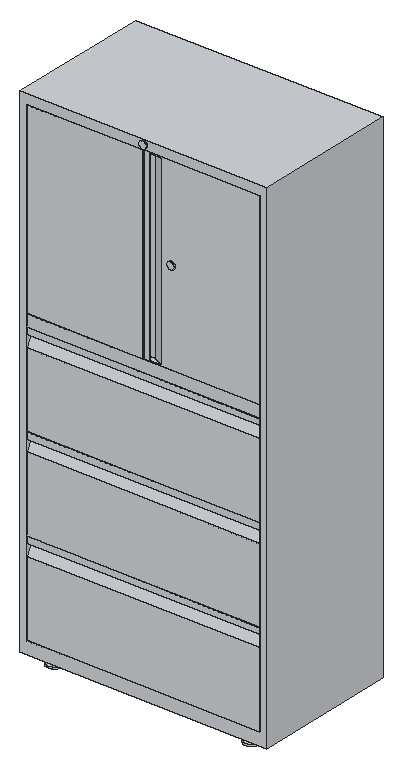
Revit family
Parameters (values of type "10C50WT.3H")
  Width = 800 mm
  Tie Bar = Width - 40 mm  # 760 mm
  Manufacturer = ""
  Height = 1655 mm
  Flipper Width = Width - 40 mm  # 760 mm
  Drawer Width = Width - 40 mm  # 760 mm
  Doors Width = Width - 40 mm  # 760 mm
  Colour [instance] = ""
  Carbon Footprint = 0
Types (3): name
  (no name)
  10C50WT.3H
  08C50WT.3H
Reference planes
  plane 1 "Center (Front/Back)": y = 0
  plane 2: z = 0
  plane 3 "Center (Left/Right)": x = 0
  plane 4: y = 235
  plane 5: y = -235
  plane 6: x = -400
  plane 7: x = 400
  plane 8: z = 1655
  plane 9: z = 4
  plane 10: z = 25
  plane 11: z = 65
  plane 12: z = 1625
  plane 13: x = -380
  plane 14: x = 380
  plane 15: x = -320
  plane 16: x = 320
  plane 17: y = -195
  plane 18: y = 195
  plane 19: y = 233
  plane 20: y = -215
  plane 21: y = -237
  plane 22: z = 1640
  plane 23: z = 1624
Forms (mm)
  Extrusion 1, solid
    sketch origin (0, 0, 0) x (1, 0, 0) y (0, 0, 1)
      loop
        line (-400, 1655) -> (-400, 25) -> (400, 25) -> (400, 1655) -> (-400, 1655)
      loop
        line (-380, 1625) -> (-380, 65) -> (380, 65) -> (380, 1625) -> (-380, 1625)
    from -235 to 235
  Extrusion 2, solid
    sketch origin (0, 0, 0) x (1, 0, 0) y (0, 0, 1)
      loop
        line (-380, 1625) -> (-380, 65) -> (380, 65) -> (380, 1625) -> (-380, 1625)
    from -235 to -233
  Extrusion 3, solid
    sketch origin (0, 0, 0) x (1, 0, 0) y (0, 1, 0)
      loop
        circle (-320, 195) r 25
      loop
        circle (320, 195) r 25
      loop
        circle (320, -195) r 25
      loop
        circle (-320, -195) r 25
    from 0 to 4
  Extrusion 4, solid
    sketch origin (0, 0, 0) x (1, 0, 0) y (0, 1, 0)
      loop
        circle (-320, 195) r 5
      loop
        circle (320, 195) r 5
      loop
        circle (320, -195) r 5
      loop
        circle (-320, -195) r 5
    from 4 to 25
  Extrusion 5, solid
    sketch origin (0, 0, 0) x (1, 0, 0) y (0, 0, 1)
      loop
        circle (0, 1640) r 11.963
    from 235 to 237
Dimensions and locks
  plane 4 to plane 1 "Center (Front/Back)" to plane 5 = 235 mm locked, 235 mm locked
  equal spacing: plane 6, plane 3 "Center (Left/Right)", plane 7
  "Width": plane 6 to plane 7
  locked: plane 9 to plane 2 at 4
  locked: plane 10 to plane 9 at 21
  locked: plane 11 to plane 10 at 40
  locked: plane 8 to plane 12 at 30
  "Height": plane 8 to plane 2
  locked: plane 13 to plane 6 at 20
  locked: plane 7 to plane 14 at 20
  locked: plane 4 to plane 18 at 40
  locked: plane 17 to plane 5 at 40
  locked: plane 16 to plane 14 at 60
  locked: plane 13 to plane 15 at 60
  locked: plane 4 to plane 19 at 2
  locked: plane 20 to plane 5 at 20
  locked: plane 5 to plane 21 at 2
  plane 8 to plane 22 to plane 12 = 15 mm, 15 mm
  locked: nested 1 to plane 11 at 1
  locked: nested 1 to plane 13 at 1
  locked: plane 14 to nested 1 at 1
  equal spacing: group 1, group 2, group 3  (x3)
  locked: plane 12 to plane 23 at 1
  radius of Extrusion 3 sketch curve = 25 mm
  aligned and locked: level to plane 2
  aligned and locked: Extrusion 1 sketch curve to plane 8
  aligned and locked: plane 6 to Extrusion 1 sketch curve
  aligned and locked: plane 10 to Extrusion 1 sketch curve
  aligned and locked: Extrusion 1 sketch curve to plane 7
  aligned and locked: Extrusion 1 sketch curve to plane 12
  aligned and locked: plane 13 to Extrusion 1 sketch curve
  aligned and locked: plane 11 to Extrusion 1 sketch curve
  aligned and locked: Extrusion 1 sketch curve to plane 14
  aligned and locked: plane 4 to Extrusion 1
  aligned and locked: Extrusion 1 to plane 5
  aligned and locked: Extrusion 2 sketch curve to Extrusion 1  (x4)
  aligned and locked: Extrusion 2 to plane 19
  aligned and locked: plane 9 to Extrusion 3
  aligned and locked: Extrusion 5 to plane 21
  aligned and locked: plane 5 to Extrusion 5
Automatic sketch dimensions
  Extrusion 3 sketch curve to plane 15 = 0 mm  (x2)
  Extrusion 3 sketch curve to plane 16 = 0 mm  (x2)
  Extrusion 3 sketch curve to plane 17 = 0 mm  (x2)
  Extrusion 3 sketch curve to plane 18 = 0 mm  (x2)
  Extrusion 4 sketch curve to plane 15 = 0 mm  (x2)
  Extrusion 4 sketch curve to plane 16 = 0 mm  (x2)
  Extrusion 4 sketch curve to plane 17 = 0 mm  (x2)
  Extrusion 4 sketch curve to plane 18 = 0 mm  (x2)
  Extrusion 5 sketch curve to plane 3 "Center (Left/Right)" = 0 mm
  Extrusion 5 sketch curve to plane 22 = 0 mm
  radius of Extrusion 3 sketch curve = 25 mm  (x3)
  radius of Extrusion 4 sketch curve = 5 mm  (x4)
  radius of Extrusion 5 sketch curve = 11.963 mm
Nested families
  nested 1: "12 Inch Drawer" at (0, -225, 65), type "12 Inch Drawer"
  nested 2: "12 Inch Drawer" at (0, -225, 369), type "12 Inch Drawer"
  nested 3: "12 Inch Drawer" at (0, -225, 673), type "12 Inch Drawer"
  nested 4: "Tie Bar" at (0, -1, 978), type "Tie Bar"
  nested 5: "BLF Doors" at (0, -225, 1016), type "BLF Doors"
    with Doors Height 609 mm
Definition of nested family "12 Inch Drawer"
  Parameters (values of type "12 Inch Drawer")
    Drawer Width = 760 mm
    Drawer Height = 305 mm
  Reference planes
    plane 1 "Center (Front/Back)": y = 0
    plane 2: z = 0
    plane 3 "Center (Left/Right)": x = 0
    plane 4: x = -380
    plane 5: x = 380
    plane 6: x = -379
    plane 7: x = 379
    plane 8: y = 10
    plane 9: y = -10
    plane 10: z = 305
    plane 11: z = 304
    plane 12: z = 1
    plane 13: x = -378
    plane 14: x = 378
    plane 15: z = 303
    plane 16: z = 284
    plane 17: z = 244
    plane 18: y = -9
    plane 19: y = 9
  Forms (mm)
    Extrusion 1, solid
      sketch origin (0, 0, 0) x (1, 0, 0) y (0, 0, 1)
        loop
          line (-379, 1) -> (379, 1) -> (379, 304) -> (-379, 304) -> (-379, 1)
      from -10 to 10
    Extrusion 2, void
      sketch origin (0, 0, 0) x (0, 1, 0) y (0, 0, 1)
        loop
          line (-10, 284) -> (-10, 244) -> (9, 284) -> (9, 303) -> (-9, 303) -> (-9, 284) -> (-10, 284)
      from -378 to 378
  Cuts and joins
    Extrusion 2 cuts Extrusion 1
  Dimensions and locks
    "Drawer Width": plane 4 to plane 5
    equal spacing: plane 4, plane 3 "Center (Left/Right)", plane 5
    locked: plane 4 to plane 6 at 1
    locked: plane 7 to plane 5 at 1
    locked: plane 8 to plane 9 at 20
    equal spacing: plane 8, plane 1 "Center (Front/Back)", plane 9
    "Drawer Height": plane 10 to level
    locked: plane 10 to plane 11 at 1
    locked: plane 12 to level at 1
    locked: Extrusion 1 to plane 14 at 1
    locked: Extrusion 1 to plane 13 at 1
    locked: plane 11 to plane 15 at 1
    locked: plane 15 to plane 16 at 19
    locked: plane 16 to plane 17 at 40
    locked: plane 9 to plane 18 at 1
    locked: plane 19 to plane 8 at 1
    plane 10 to plane 11 to plane 15 to plane 16 to plane 17 to plane 12 = 1 mm, 1 mm, 19 mm, 40 mm, 243 mm
    locked: plane 6 to plane 13 at 1
    locked: plane 14 to plane 7 at 1
    aligned and locked: level to plane 2
    aligned and locked: plane 7 to Extrusion 1
    aligned and locked: plane 11 to Extrusion 1
    aligned and locked: Extrusion 1 to plane 6
    aligned and locked: Extrusion 1 to plane 12
    aligned and locked: Extrusion 1 to plane 9
    aligned and locked: plane 8 to Extrusion 1
    aligned and locked: plane 15 to Extrusion 2
    aligned and locked: plane 19 to Extrusion 2
    aligned and locked: Extrusion 2 to plane 9
    aligned and locked: plane 16 to Extrusion 2
    aligned and locked: Extrusion 2 to plane 13
    aligned and locked: plane 14 to Extrusion 2
  Automatic sketch dimensions
    Extrusion 1 sketch curve to plane 6 = 0 mm
    Extrusion 1 sketch curve to plane 7 = 0 mm
    Extrusion 1 sketch curve to plane 12 = 0 mm
    Extrusion 1 sketch curve to plane 11 = 0 mm
    Extrusion 2 sketch curve to plane 9 = 0 mm
    Extrusion 2 sketch curve to plane 18 = 0 mm
    Extrusion 2 sketch curve to plane 16 = 0 mm  (x2)
    Extrusion 2 sketch curve to plane 19 = 0 mm
    Extrusion 2 sketch curve to plane 17 = 0 mm
    Extrusion 2 sketch curve to plane 15 = 0 mm
Definition of nested family "Tie Bar"
  Parameters (values of type "Tie Bar")
    Tie Bar Width = 760 mm
  Reference planes
    plane 1 "Center (Front/Back)": y = 0
    plane 2: z = 0
    plane 3 "Center (Left/Right)": x = 0
    plane 4: x = -380
    plane 5: x = 380
    plane 6: y = 234
    plane 7: y = -234
    plane 8: z = 38
    plane 9: x = -379
    plane 10: x = 379
  Forms (mm)
    Extrusion 1, solid
      sketch origin (0, 0, 0) x (1, 0, 0) y (0, 1, 0)
        loop
          line (-379, -234) -> (379, -234) -> (379, 234) -> (-379, 234) -> (-379, -234)
      from 0 to 38
  Dimensions and locks
    equal spacing: plane 4, plane 3 "Center (Left/Right)", plane 5
    "Tie Bar Width": plane 4 to plane 5
    locked: plane 8 to plane 2 at 38
    plane 6 to plane 7 = 468 mm
    equal spacing: plane 6, plane 1 "Center (Front/Back)", plane 7
    locked: plane 4 to plane 9 at 1
    locked: plane 10 to plane 5 at 1
    aligned and locked: level to plane 2
    aligned and locked: Extrusion 1 sketch curve to plane 7
    aligned and locked: Extrusion 1 sketch curve to plane 9
    aligned and locked: plane 6 to Extrusion 1 sketch curve
    aligned and locked: plane 10 to Extrusion 1 sketch curve
    aligned and locked: Extrusion 1 to level
    aligned and locked: plane 8 to Extrusion 1
Definition of nested family "BLF Doors"
  Parameters (values of type "BLF Doors")
    Doors Width = 760 mm
    Doors Height = 610 mm
  Reference planes
    plane 1 "Center (Front/Back)": y = 0
    plane 2: z = 0
    plane 3 "Center (Left/Right)": x = 0
    plane 4: x = -380
    plane 5: x = 380
    plane 6: y = 10
    plane 7: y = -10
    plane 8: x = -379
    plane 9: x = 379
    plane 10: z = 610
    plane 11: x = -378
    plane 12: x = 378
    plane 13: z = 609
    plane 14: z = 1
    plane 15: x = -0.5
    plane 16: x = 0.5
    plane 17: x = 1.5
    plane 18: x = 20.5
    plane 19: x = 60.5
    plane 20: y = 9
    plane 21: y = -9
    plane 22: z = 608
    plane 23: z = 2
    plane 24: z = 305
    plane 25: x = 90.5
    plane 26: y = -12
  Forms (mm)
    Extrusion 1, solid
      sketch origin (0, 0, 0) x (1, 0, 0) y (0, 0, 1)
        loop
          line (-379, 609) -> (-379, 1) -> (-0.5, 1) -> (-0.5, 609) -> (-379, 609)
        loop
          line (0.5, 609) -> (0.5, 1) -> (379, 1) -> (379, 609) -> (0.5, 609)
      from -10 to 10
    Extrusion 2, void
      sketch origin (0, 0, 0) x (1, 0, 0) y (0, 1, 0)
        loop
          line (20.5, -10) -> (60.5, -10) -> (20.5, 9) -> (1.5, 9) -> (1.5, -9) -> (20.5, -9) -> (20.5, -10)
      from 2 to 608
    Extrusion 3, solid
      sketch origin (0, 0, 0) x (1, 0, 0) y (0, 0, 1)
        loop
          circle (90.5, 305) r 12
      from 10 to 12
  Cuts and joins
    Extrusion 2 cuts Extrusion 1
  Dimensions and locks
    "Doors Width": plane 4 to plane 5
    equal spacing: plane 4, plane 3 "Center (Left/Right)", plane 5
    locked: plane 6 to plane 7 at 20
    locked: plane 4 to plane 8 at 1
    locked: plane 9 to plane 5 at 1
    equal spacing: plane 6, plane 1 "Center (Front/Back)", plane 7
    locked: plane 14 to plane 2 at 1
    locked: plane 11 to plane 8 at 1
    locked: plane 9 to plane 12 at 1
    locked: plane 10 to plane 13 at 1
    "Doors Height": plane 10 to plane 2
    plane 16 to plane 3 "Center (Left/Right)" to plane 15 = 0.5 mm locked, 0.5 mm locked
    locked: plane 13 to plane 22 at 1
    locked: plane 23 to plane 14 at 1
    equal spacing: plane 10, plane 24, plane 2
    locked: plane 25 to plane 19 at 30
    locked: plane 7 to plane 26 at 2
    aligned and locked: level to plane 2
    aligned and locked: Extrusion 1 sketch curve to plane 13  (x2)
    aligned and locked: plane 14 to Extrusion 1 sketch curve  (x2)
    aligned and locked: Extrusion 1 sketch curve to plane 15
    aligned and locked: Extrusion 1 sketch curve to plane 16
    aligned and locked: Extrusion 1 sketch curve to plane 9
    aligned and locked: Extrusion 1 to plane 7
    aligned and locked: plane 6 to Extrusion 1
    aligned and locked: plane 20 to Extrusion 2
    aligned and locked: Extrusion 2 to plane 17
    aligned and locked: Extrusion 2 to plane 21
    aligned and locked: plane 18 to Extrusion 2
    aligned and locked: Extrusion 2 to plane 7
    aligned and locked: Extrusion 2 to plane 23
    aligned and locked: plane 22 to Extrusion 2
    aligned and locked: Extrusion 3 to plane 26
    aligned and locked: plane 7 to Extrusion 3
  Automatic sketch dimensions
    Extrusion 1 sketch curve to plane 8 = 0 mm
    Extrusion 1 sketch curve to plane 14 = 0 mm
    Extrusion 2 sketch curve to plane 17 = 0 mm
    Extrusion 2 sketch curve to plane 18 = 0 mm  (x2)
    Extrusion 2 sketch curve to plane 19 = 0 mm
    Extrusion 2 sketch curve to plane 7 = 0 mm
    Extrusion 2 sketch curve to plane 21 = 0 mm
    Extrusion 2 sketch curve to plane 20 = 0 mm
    Extrusion 3 sketch curve to plane 24 = 0 mm
    Extrusion 3 sketch curve to plane 25 = 0 mm
    radius of Extrusion 3 sketch curve = 12 mm
